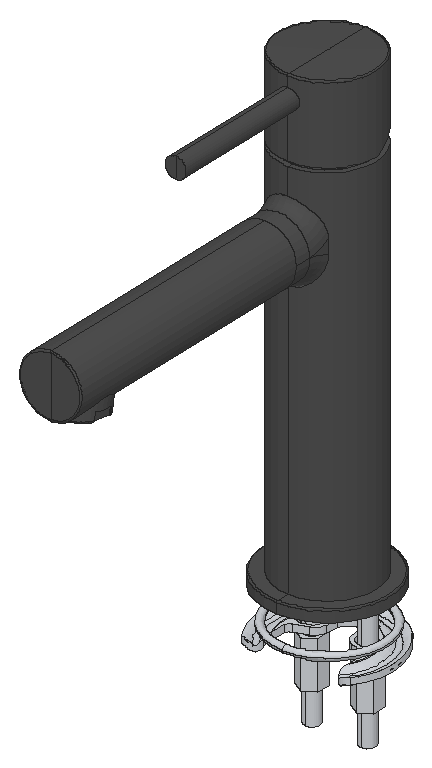
Revit family "Reece_Tap_Mizu_Drift_Basin Mixer_Straight", category Plumbing Fixtures, host Face, Revit 2018
Family settings
  Host = Face
  Round Connector Dimension = Use Diameter
  Part Type = Normal
  Cut with Voids When Loaded = No
  Shared = Yes
  Room Calculation Point = Yes
Parameters (values of type "121 mm_Matte Black")
  WFU = 0  # constant formula
  URL = "https://www.reece.com.au/product/-2267217"
  Type Comments = "Tap"
  Reece_Tap_Reach = 121.0 mm  # constant formula
  Reece_Tap_Inlet = 12.0 mm  # constant formula
  Reece_Tap_Clearance = 113.0 mm  # constant formula
  Reece_Product_Web Page = "https://www.reece.com.au/product/-2267217"
  Reece_Product_Type = "Tap"  # constant formula
  Reece_Product_Sub Brand = "Drift"  # constant formula
  Reece_Product_Number = "2267217"
  Reece_Product_Mount = "Hob Mounted"  # constant formula
  Reece_Product_Description = "Mizu Drift Basin Mixer Tap Straight Spout Matte Black (6 Star)"
  Reece_Product_Brand = "Mizu"  # constant formula
  Reece_Overall_Length = 158.5 mm  # constant formula
  Reece_Overall_Height = 185.0 mm  # constant formula
  Reece_Nozzle_Pipe Radius = 12.0 mm  # constant formula
  Reece_Material_Main = Reece_Brass_Matte Black
  Reece_Detail_Shape = "Straight"  # constant formula
  Reece_Detail_Installation = ""
  Reece_Detail_Disclaimer = "THIS FILE IS THE PROPERTY OF THE REECE GROUP. IT MAY NOT BE REPRODUCED, REVERSE-ENGINEERED, OR MODIFIED. ANY REPUBLICATION, TRANSMISSION, OR DISTRIBUTION FOR THE PURPOSE OF COMMERCIALLY EXPLOITING THE FILES IS PROHIBITED."  # constant formula
  Reece_Detail_Connector = ""
  Reece_Detail_Additional = ""
  Model = "Drift"
  Manufacturer = "Mizu"
  Keynote = "Product #2267217, Reece_Tap_Mizu_Drift_Basin Mixer_Straight - 121 mm_Matte Black"
  HWFU = 0  # constant formula
  Disclaimer = "THIS FILE IS THE PROPERTY OF THE REECE GROUP. IT MAY NOT BE REPRODUCED, REVERSE-ENGINEERED, OR MODIFIED. ANY REPUBLICATION, TRANSMISSION, OR DISTRIBUTION FOR THE PURPOSE OF COMMERCIALLY EXPLOITING THE FILES IS PROHIBITED."  # constant formula
  Description = "Mizu Drift Basin Mixer Tap Straight Spout Matte Black (6 Star)"
  Default Elevation = 1000.0 mm
  CWFU = 0  # constant formula
Types (5, lengths in mm): name | URL | Reece_Product_Web Page | Reece_Product_Number | Reece_Product_Description | Reece_Material_Main | Keynote | Description
  121 mm_Brushed Nickel | "https://www.reece.com.au/product/-2267237" | "https://www.reece.com.au/product/-2267237" | "2267237" | "Mizu Drift Basin Mixer Tap Straight Spout Brushed Nickel (6 Star)" | Reece_Brass_Brushed Nickel | "Product #2267237, Reece_Tap_Mizu_Drift_Basin Mixer_Straight - 121 mm_Brushed Nickel" | "Mizu Drift Basin Mixer Tap Straight Spout Brushed Nickel (6 Star)"
  121 mm_Chrome | "https://www.reece.com.au/product/-2267195" | "https://www.reece.com.au/product/-2267195" | "2267195" | "Mizu Drift Basin Mixer Tap Straight Spout Chrome (6 Star)" | Reece_Brass_Chrome | "Product #2267195, Reece_Tap_Mizu_Drift_Basin Mixer_Straight - 121 mm_Chrome" | "Mizu Drift Basin Mixer Tap Straight Spout Chrome (6 Star)"
  121 mm_Matte Black | "https://www.reece.com.au/product/-2267217" | "https://www.reece.com.au/product/-2267217" | "2267217" | "Mizu Drift Basin Mixer Tap Straight Spout Matte Black (6 Star)" | Reece_Brass_Matte Black | "Product #2267217, Reece_Tap_Mizu_Drift_Basin Mixer_Straight - 121 mm_Matte Black" | "Mizu Drift Basin Mixer Tap Straight Spout Matte Black (6 Star)"
  121 mm_Brushed Gunmetal | "https://www.reece.com.au/product/-2267257" | "https://www.reece.com.au/product/-2267257" | "2267257" | "Mizu Drift Basin Mixer Tap Straight Spout Brushed Gunmetal (6 Star)" | Reece_Brass_Brushed Gunmetal | "Product #2267257, Reece_Tap_Mizu_Drift_Basin Mixer_Straight - 121 mm_Brushed Gunmetal" | "Mizu Drift Basin Mixer Tap Straight Spout Brushed Gunmetal (6 Star)"
  121 mm_Brushed Brass | "https://www.reece.com.au/product/-2267277" | "https://www.reece.com.au/product/-2267277" | "2267277" | "Mizu Drift Basin Mixer Tap Straight Spout Brushed Brass (6 Star)" | Reece_Brass_Brushed | "Product #2267277, Reece_Tap_Mizu_Drift_Basin Mixer_Straight - 121 mm_Brushed Brass" | "Mizu Drift Basin Mixer Tap Straight Spout Brushed Brass (6 Star)"
Reference planes
  plane 1 "Center (Front/Back)": y = 0
  plane 2: z = 0
  plane 3 "Center (Left/Right)": x = 0
  plane 4: y = -19
  plane 5 "Top": z = 185
  plane 6: y = -73.243
  plane 7: y = -18.443
  plane 8: y = 24.5
  plane 9: y = -121
  plane 10: z = 113
  plane 11: y = -134
  plane 12: through (0, -123.727, 93.965) normal (0, -0.9903, 0.1392)
Forms (mm)
  Revolve 1, solid, material "Reece_Brass_Matte Black" <- "Reece_Material_Main"
    sketch origin (0, 0, 0) x (0, 1, 0) y (0, 0, 1)
      loop
        line (-19, 152.8) -> (-19, 4.5) -> (-17.5, 4.5) -> (-17.5, 7) -> (0, 7) -> (0, 157.8) -> (-13.55, 157.8) -> (-13.55, 161.484)
        arc (-13.55, 161.484) -> (-15.733, 157.339) -> (-16.892, 152.8) r 20
        line (-16.892, 152.8) -> (-19, 152.8)
      axis (0, 161.484) -> (0, 4.5)
    angle from 0 to 360
  Revolve 2, solid, material "Reece_Brass_Matte Black" <- "Reece_Material_Main"
    sketch origin (0, 0, 0) x (0, 1, 0) y (0, 0, 1)
      loop
        line (-17.5, 4.5) -> (-24, 4.5)
        arc (-24, 4.5) -> (-24.354, 4.354) -> (-24.5, 4) r 0.5
        line (-24.5, 4) -> (-24.5, 0) -> (-22, 0) -> (-22, -1) -> (-18, -1) -> (-18, 2) -> (-16.5, 2) -> (-16.5, 5.5) -> (-17.5, 5.5) -> (-17.5, 4.5)
      axis (0, 5.5) -> (0, -1)
    angle from 0 to 360
  Revolve 3, solid, material "Reece_Brass_Matte Black" <- "Reece_Material_Main"
    sketch origin (0, 0, 1) x (0, 1, 0) y (0, 0, 1)
      loop
        line (-19, 153.55) -> (-17.852, 153.55) -> (-17.5, 158.59) -> (-17.5, 162.3) -> (0, 162.3) -> (0, 184)
        arc (0, 184) -> (-9.246, 183.907) -> (-18.489, 183.63) r 465.11
        arc (-18.489, 183.63) -> (-18.852, 183.467) -> (-19, 183.099) r 0.532
        line (-19, 183.099) -> (-19, 153.55)
      axis (0, 184) -> (0, 153.55)
    angle from 0 to 360
  Extrusion 4, void
    sketch origin (0, 21.394, 163.687) x (0, 0.91357, 0.406681) y (1, 0, 0)
      loop
        line (14.799, 24.5) -> (-35.201, 24.5) -> (-35.201, -24.5) -> (14.799, -24.5) -> (14.799, 24.5)
    from 0 to 19
  Revolve 5, void
    sketch origin (0, 0, -1.813) x (0, 1, 0) y (0, 0, 1)
      loop
        line (17.434, 173.743) -> (17.434, 169.75) -> (20.568, 169.75) -> (20.568, 173.743) -> (17.434, 173.743)
      axis (20.568, 169.75) -> (17.434, 169.75)
    angle from 0 to 360
  Revolve 6, solid, material "Reece_Brass_Matte Black" <- "Reece_Material_Main"
    sketch origin (0, 0, -1.813) x (0, 1, 0) y (0, 0, 1)
      loop
        arc (19.852, 169.75) -> (19.653, 171.536) -> (19.065, 173.234) r 8.104
        arc (19.065, 173.234) -> (18.801, 173.532) -> (18.419, 173.642) r 0.716
        line (18.419, 173.642) -> (17.555, 173.642) -> (17.555, 169.75) -> (19.852, 169.75)
      axis (17.555, 169.75) -> (19.852, 169.75)
    angle from 0 to 360
  Revolve 7, solid
    sketch origin (0, 0, 0) x (0, 1, 0) y (0, 0, 1)
      loop
        circle (22.2, -14) r 1.3
      axis (1, -14) -> (1, -13)
    angle from 0 to 360
  Extrusion 8, void
    sketch origin (0, 2, 7) x (1, 0, 0) y (0, 1, 0)
      loop
        circle (-7, -9.5) r 6.7
      loop
        circle (-10.749, 4.019) r 3.519
      loop
        circle (10.75, 4) r 3.5
      loop
        circle (7, -9.5) r 6.7
    from 0 to 4
  Extrusion 9, solid
    sketch origin (0, 2, 7) x (0, 1, 0) y (1, 0, 0)
      loop
        circle (4, 10.75) r 3
      loop
        circle (4, -10.75) r 3
    from 0 to 61.5
  Revolve 10, solid
    sketch origin (0, 0, 0) x (0, 1, 0) y (0, 0, 1)
      loop
        arc (18.75, -21.5) -> (21.75, -23) -> (24.75, -21.5) r 3.75
        line (24.75, -21.5) -> (25.75, -21.5) -> (25.75, -19)
        arc (25.75, -19) -> (24.212, -19.499) -> (22.941, -20.498) r 4.61
        arc (22.941, -20.498) -> (21.841, -21) -> (20.728, -20.527) r 1.5
        arc (20.728, -20.527) -> (19.122, -19.398) -> (17.2, -19) r 4.84
        line (17.2, -19) -> (17.2, -21.5) -> (18.75, -21.5)
      axis (0, -19) -> (0, -21.5)
    angle from 0 to 360
  Extrusion 11, solid
    sketch origin (0, 0, -23) x (1, 0, 0) y (0, 1, 0)
      loop
        arc (-9.053, 2.711) -> (-6.961, 7.197) -> (-11.447, 9.289) r 3.5
        line (-11.447, 9.289) -> (-13.326, 8.605)
        arc (-13.326, 8.605) -> (-15.418, 4.119) -> (-10.932, 2.027) r 3.5
        line (-10.932, 2.027) -> (-9.053, 2.711)
      loop
        arc (-5.01, 5.791) -> (-6.06, 3.288) -> (-8.263, 1.702) r 5
        line (-8.263, 1.702) -> (-13.684, -0.271)
        arc (-13.684, -0.271) -> (-14.638, -1.003) -> (-15, -2.15) r 2
        line (-15, -2.15) -> (-15, -8.417)
        arc (-15, -8.417) -> (0, 17.2) -> (15, -8.417) r 17.2
        line (15, -8.417) -> (15, -2.15)
        arc (15, -2.15) -> (14.638, -1.003) -> (13.684, -0.271) r 2
        line (13.684, -0.271) -> (8.263, 1.702)
        arc (8.263, 1.702) -> (6.06, 3.288) -> (5.01, 5.791) r 5
        line (5.01, 5.791) -> (4.466, 10.221)
        arc (4.466, 10.221) -> (0, 14.173) -> (-4.466, 10.221) r 4.5
        line (-4.466, 10.221) -> (-5.01, 5.791)
      loop
        arc (11.447, 9.289) -> (6.961, 7.197) -> (9.053, 2.711) r 3.5
        line (9.053, 2.711) -> (10.932, 2.027)
        arc (10.932, 2.027) -> (15.418, 4.119) -> (13.326, 8.605) r 3.5
        line (13.326, 8.605) -> (11.447, 9.289)
    from 1.5 to 4
  Extrusion 12, void
    sketch origin (0, 0, -23) x (1, 0, 0) y (0, 1, 0)
      loop
        line (27.556, -34.599) -> (27.556, -14.961) -> (20.958, -14.961)
        arc (20.958, -14.961) -> (17.049, -15.272) -> (15, -11.93) r 3.75
        line (15, -11.93) -> (15, -8.417) -> (-15, -8.417) -> (-15, -11.93)
        arc (-15, -11.93) -> (-17.049, -15.272) -> (-20.958, -14.961) r 3.75
        line (-20.958, -14.961) -> (-27.556, -14.961) -> (-27.556, -34.599) -> (27.556, -34.599)
    from 0 to 5
  Extrusion 13, solid
    sketch origin (0, 0, 0) x (1, 0, 0) y (0, 1, 0)
      loop
        circle (10.75, 6) r 3
      loop
        line (10.75, 11.196) -> (6.25, 8.598) -> (6.25, 3.402) -> (10.75, 0.804) -> (15.25, 3.402) -> (15.25, 8.598) -> (10.75, 11.196)
      loop
        circle (-10.75, 6) r 3
      loop
        line (-10.75, 11.196) -> (-15.25, 8.598) -> (-15.25, 3.402) -> (-10.75, 0.804) -> (-6.25, 3.402) -> (-6.25, 8.598) -> (-10.75, 11.196)
    from -41.5 to -23
  Extrusion 14, void
    sketch origin (0, 0, 0) x (1, 0, 0) y (0, 1, 0)
      loop
        circle (0, 0) r 22
    from 0 to -35
  Revolve 15, solid, material "Reece_Brass_Matte Black" <- "Reece_Material_Main"
    sketch origin (0, -229.818, 400.763) x (0, -1, 0) y (0, 0, -1)
      loop
        line (-211.374, 228.583) -> (-211.374, 224.583) -> (-156.574, 224.583) -> (-156.574, 228.583) -> (-211.374, 228.583)
      axis (-211.374, 224.583) -> (-156.574, 224.583)
    angle from 0 to 360
  Sweep 16, solid, material "Reece_Brass_Matte Black" <- "Reece_Material_Main"
    path origin (0, -0.312, 1.5) x (0, 1, 0) y (0, 0, 1)
      loop
        line (-29.929, 137.5) -> (-23.438, 137.5)
        arc (-23.438, 137.5) -> (-19.902, 138.964) -> (-18.438, 142.5) r 5
        line (-18.438, 142.5) -> (-18.438, 147.5)
    profile origin (0, -26.996, 139) x (0, 0, 1) y (1, 0, 0)
      loop
        arc (-12, -12) -> (0, 0) -> (-12, 12) r 12
        line (-12, 12) -> (-12, -12)
  Sweep 17, solid, material "Reece_Brass_Matte Black" <- "Reece_Material_Main"
    path origin (0, -0.312, 252.5) x (0, 1, 0) y (0, 0, -1)
      loop
        line (-29.929, 137.5) -> (-23.438, 137.5)
        arc (-23.438, 137.5) -> (-19.902, 138.964) -> (-18.438, 142.5) r 5
        line (-18.438, 142.5) -> (-18.438, 147.5)
    profile origin (0, -26.996, 115) x (0, 0, 1) y (1, 0, 0)
      loop
        line (12, -12) -> (12, 12)
        arc (12, 12) -> (0, 0) -> (12, -12) r 12
  Revolve 18, solid, material "Reece_Brass_Matte Black" <- "Reece_Material_Main"
    sketch origin (0, 21.318, 2) x (0, 1, 0) y (0, 0, 1)
      loop
        line (-51.559, 137) -> (-154.818, 137)
        arc (-154.818, 137) -> (-155.172, 136.854) -> (-155.318, 136.5) r 0.5
        line (-155.318, 136.5) -> (-155.318, 125) -> (-51.559, 125) -> (-51.559, 137)
      axis (-51.559, 125) -> (-155.318, 125)
    angle from 0 to 360
  Revolve 19, solid, material "Reece_Brass_Matte Black" <- "Reece_Material_Main"
    sketch origin (0, -0.082, 0) x (0, 1, 0) y (0, 0, 1)
      loop
        arc (-131.276, 115.327) -> (-131.18, 114.957) -> (-130.851, 114.763) r 0.5
        line (-130.851, 114.763) -> (-120.948, 113.371) -> (-118.324, 132.044) -> (-128.721, 133.505) -> (-131.276, 115.327)
      axis (-120.948, 113.371) -> (-118.324, 132.044)
    angle from 0 to 360
  Revolve 20, void
    sketch origin (0, -0.082, 0) x (0, 1, 0) y (0, 0, 1)
      loop
        line (-127.98, 114.668) -> (-129.021, 114.814) -> (-129.194, 113.586) -> (-128.153, 113.44) -> (-127.98, 114.668)
      axis (-121.078, 112.446) -> (-120.905, 113.674)
    angle from 0 to 360
  Extrusion 21, void
    sketch origin (0, -0.082, 0) x (0, 1, 0) y (0, 0, 1)
      loop
        line (-116.403, 116.238) -> (-124.512, 117.474) -> (-125.375, 111.811) -> (-117.134, 110.554) -> (-116.403, 116.238)
    from -11.747 to -9
  Extrusion 22, void
    sketch origin (0, -0.082, 0) x (0, 1, 0) y (0, 0, -1)
      loop
        line (-116.403, -116.238) -> (-117.134, -110.554) -> (-125.375, -111.811) -> (-124.512, -117.474) -> (-116.403, -116.238)
    from -11.747 to -9
  Extrusion 23, solid, material "Reece_Brass_Matte Black" <- "Reece_Material_Main"
    sketch origin (0, 0, -116) x (0, 1, 0) y (0, 0, 1)
      loop
        arc (-23.75, 243) -> (-11.729, 238.021) -> (-6.75, 226) r 17
        line (-6.75, 226) -> (-6.75, 260)
        arc (-6.75, 260) -> (-11.729, 247.979) -> (-23.75, 243) r 17
    from -12 to 12
Cuts and joins
  Extrusion 4, Revolve 5 cuts Revolve 3
  joined: Revolve 3, Revolve 15
  Extrusion 8 cuts Extrusion 9
  Extrusion 12 cuts Revolve 10
  Extrusion 8 cuts Revolve 2
  Extrusion 8 cuts Revolve 1
  Revolve 20 cuts Revolve 18
  Revolve 20, Extrusion 21, Extrusion 22 cuts Revolve 19
  joined: Revolve 1, Sweep 16, Sweep 17, Revolve 18, Revolve 19, Extrusion 23
Lines and regions (mm)
  reference lines
    curve 1: line (0, 42.299, 172.993) -> (0, 0.166, 154.237)
Text (mm)
  text "Reece Copyright © 2018, Reece Ltd." at (-747.266, -372.688, 0), in view "Ref. Level"
  text "Reece ©" at (-1.128, 151.197, 130.104), in view "Reece Preview"
Dimensions and locks
  locked: Revolve 1 sketch curve to Revolve 1 sketch curve at 2.5
  Revolve 1 sketch curve to Revolve 1 sketch curve = 19.0 mm
  Revolve 2 sketch curve to Revolve 2 sketch curve = 24.5 mm
  locked: Revolve 2 sketch curve to Revolve 2 sketch curve at 2.5
  locked: Revolve 2 sketch curve to Revolve 2 sketch curve at 3.5
  locked: Revolve 2 sketch curve to Revolve 2 sketch curve at 1
  Revolve 2 sketch curve to Revolve 2 sketch curve = 17.5 mm
  locked: Revolve 2 sketch curve to Revolve 2 sketch curve at 1.5
  Revolve 3 sketch curve to Revolve 3 sketch curve = 19.0 mm
  locked: Revolve 3 sketch curve to Revolve 3 sketch curve at 1.5
  Extrusion 4 sketch curve to curve 1 to Extrusion 4 sketch curve = 24.5 mm, 24.5 mm
  locked: plane 6 to plane 7 at 54.8
  "Reece_Overall_Height": plane 5 "Top" to level
  "Reece_Tap_Reach": plane 1 "Center (Front/Back)" to plane 9
  "Reece_Tap_Clearance": plane 10 to level
  "Reece_Overall_Length": plane 8 to plane 11
  angle plane 9 to plane 12 = 8.00°
  aligned and locked: plane 2 to host face
  aligned and locked: level to host face
  aligned and locked: Revolve 3 sketch curve to Revolve 3 sketch curve
  aligned and locked: Revolve 15 sketch curve to Revolve 15 sketch curve
  aligned and locked: plane 6 to Revolve 15 sketch curve
  aligned and locked: plane 7 to Revolve 15 sketch curve
Automatic sketch dimensions
  host sketch curve to host sketch curve = 380.785 mm
  host sketch curve to host sketch curve = 317.421 mm
  curve 1 to plane 1 "Center (Front/Back)" = 0.166 mm
  curve 1 to plane 8 = 17.799 mm
  curve 1 to plane 5 "Top" = 12.007 mm
  Revolve 1 sketch curve to plane 4 = 0.0 mm
  Revolve 1 sketch curve to plane 1 "Center (Front/Back)" = 0.0 mm
  Revolve 1 sketch curve to Revolve 1 sketch curve = 1.5 mm
  Revolve 1 sketch curve to Revolve 1 sketch curve = 2.108 mm
  Revolve 1 sketch curve to plane 4 = 5.45 mm
  Revolve 1 sketch curve to plane 1 "Center (Front/Back)" = 2.932 mm
  level to Revolve 1 sketch curve = 4.5 mm
  Revolve 1 sketch curve to Revolve 1 sketch curve = 2.644 mm
  Revolve 1 sketch curve to Revolve 1 sketch curve = 7.644 mm
  Revolve 1 sketch curve to level = 340.81 mm
  plane 5 "Top" to Revolve 1 sketch curve = 2226.37 mm
  Revolve 2 sketch curve to level = 0.0 mm
  Revolve 2 sketch curve to plane 1 "Center (Front/Back)" = 0.0 mm
  Revolve 2 sketch curve to Revolve 2 sketch curve = 0.5 mm
  Revolve 2 sketch curve to level = 1.0 mm
  level to Revolve 2 sketch curve = 2.0 mm
  Revolve 2 sketch curve to Revolve 2 sketch curve = 4.0 mm
  Revolve 2 sketch curve to Revolve 2 sketch curve = 339.81 mm
  plane 5 "Top" to Revolve 2 sketch curve = 2226.37 mm
  Revolve 3 sketch curve to plane 4 = 0.0 mm
  Revolve 3 sketch curve to plane 5 "Top" = 0.0 mm
  Revolve 3 sketch curve to plane 4 = 0.532 mm
  Revolve 3 sketch curve to Revolve 3 sketch curve = 1.148 mm
  Revolve 3 sketch curve to plane 1 "Center (Front/Back)" = 0.055 mm
  Revolve 3 sketch curve to plane 5 "Top" = 0.901 mm
  Revolve 3 sketch curve to Revolve 3 sketch curve = 20.799 mm
  Revolve 3 sketch curve to Revolve 3 sketch curve = 3.71 mm
  Revolve 3 sketch curve to Revolve 3 sketch curve = 5.04 mm
  Revolve 3 sketch curve to level = 280.11 mm
  Revolve 3 sketch curve to Revolve 3 sketch curve = 59.7 mm
  Revolve 3 sketch curve to Revolve 3 sketch curve = 2176.364 mm
  Extrusion 4 sketch curve to curve 1 = 11.965 mm
  Extrusion 4 sketch curve to curve 1 = 8.083 mm
  plane 8 to Revolve 5 sketch curve = 7.066 mm
  Revolve 5 sketch curve to Revolve 5 sketch curve = 3.134 mm
  Revolve 5 sketch curve to plane 5 "Top" = 17.062 mm
  Revolve 5 sketch curve to Revolve 5 sketch curve = 3.993 mm
  Revolve 5 sketch curve to Revolve 5 sketch curve = 2.864 mm
  Revolve 5 sketch curve to plane 8 = 0.07 mm
  Revolve 5 sketch curve to Revolve 5 sketch curve = 0.0 mm
  Revolve 6 sketch curve to plane 1 "Center (Front/Back)" = 11.748 mm
  Revolve 6 sketch curve to Revolve 6 sketch curve = 5.807 mm
  Revolve 6 sketch curve to Revolve 6 sketch curve = 0.864 mm
  Revolve 6 sketch curve to Revolve 6 sketch curve = 2.297 mm
  Revolve 6 sketch curve to plane 5 "Top" = 17.062 mm
  Revolve 6 sketch curve to Revolve 6 sketch curve = 3.177 mm
  Revolve 6 sketch curve to Revolve 6 sketch curve = 0.716 mm
  Revolve 6 sketch curve to Revolve 6 sketch curve = 1.775 mm
  Revolve 6 sketch curve to plane 8 = 1.006 mm
  Revolve 6 sketch curve to Revolve 6 sketch curve = 0.0 mm
  plane 8 to Revolve 7 sketch curve = 2.3 mm
  Revolve 7 sketch curve to level = 14.0 mm  (x2)
  Revolve 7 sketch curve to plane 1 "Center (Front/Back)" = 1.0 mm
  Revolve 7 sketch curve to Revolve 7 sketch curve = 4.102 mm
  Revolve 1 to Extrusion 8 sketch curve = 10.749 mm
  Revolve 1 to Extrusion 8 sketch curve = 7.0 mm
  Extrusion 8 sketch curve to Revolve 1 = 7.0 mm
  Extrusion 8 sketch curve to Revolve 1 = 10.75 mm
  Extrusion 8 sketch curve to Extrusion 8 sketch curve = 0.0 mm
  Extrusion 8 sketch curve to Extrusion 8 sketch curve = 13.5 mm
  Extrusion 8 sketch curve to Extrusion 8 sketch curve = 13.519 mm
  Revolve 1 to Extrusion 9 sketch curve = 10.75 mm
  Extrusion 9 sketch curve to Extrusion 9 sketch curve = 0.0 mm
  Extrusion 9 sketch curve to Revolve 1 = 10.75 mm
  Revolve 10 sketch curve to plane 1 "Center (Front/Back)" = 0.0 mm
  plane 8 to Revolve 10 sketch curve = 7.3 mm
  Revolve 10 sketch curve to Revolve 10 sketch curve = 1.55 mm
  plane 8 to Revolve 10 sketch curve = 2.75 mm
  Revolve 10 sketch curve to Revolve 10 sketch curve = 0.072 mm
  Revolve 10 sketch curve to plane 8 = 0.25 mm
  Revolve 10 sketch curve to plane 8 = 1.25 mm
  Revolve 10 sketch curve to plane 8 = 1.882 mm
  Revolve 10 sketch curve to level = 23.84 mm
  Revolve 10 sketch curve to Revolve 10 sketch curve = 0.274 mm
  Revolve 10 sketch curve to Revolve 10 sketch curve = 2.34 mm
  Revolve 10 sketch curve to Revolve 10 sketch curve = 2.0 mm
  Revolve 10 sketch curve to Revolve 10 sketch curve = 0.25 mm
  Revolve 10 sketch curve to Revolve 10 sketch curve = 2.5 mm  (x2)
  Revolve 10 sketch curve to Revolve 10 sketch curve = 0.0 mm
  Revolve 10 sketch curve to Revolve 10 sketch curve = 316.97 mm
  plane 5 "Top" to Revolve 10 sketch curve = 658.832 mm
  plane 1 "Center (Front/Back)" to Extrusion 11 sketch curve = 0.0 mm
  Extrusion 11 sketch curve to plane 3 "Center (Left/Right)" = 0.0 mm  (x2)
  Extrusion 11 sketch curve to plane 3 "Center (Left/Right)" = 4.466 mm
  Extrusion 11 sketch curve to Extrusion 11 sketch curve = 0.544 mm  (x2)
  Extrusion 11 sketch curve to plane 1 "Center (Front/Back)" = 1.702 mm  (x2)
  Extrusion 11 sketch curve to Extrusion 11 sketch curve = 3.253 mm  (x2)
  Extrusion 11 sketch curve to plane 1 "Center (Front/Back)" = 2.711 mm
  Extrusion 11 sketch curve to Extrusion 11 sketch curve = 0.79 mm  (x2)
  Extrusion 11 sketch curve to Extrusion 11 sketch curve = 0.92 mm  (x2)
  Extrusion 11 sketch curve to Extrusion 11 sketch curve = 0.277 mm  (x2)
  Extrusion 11 sketch curve to plane 1 "Center (Front/Back)" = 2.027 mm  (x2)
  Extrusion 11 sketch curve to Extrusion 11 sketch curve = 1.879 mm  (x6)
  Extrusion 11 sketch curve to Extrusion 11 sketch curve = 1.474 mm  (x2)
  Extrusion 11 sketch curve to Extrusion 11 sketch curve = 2.068 mm  (x2)
  Extrusion 11 sketch curve to plane 1 "Center (Front/Back)" = 8.605 mm
  plane 1 "Center (Front/Back)" to Extrusion 11 sketch curve = 0.271 mm  (x2)
  Extrusion 11 sketch curve to Extrusion 11 sketch curve = 0.684 mm  (x2)
  Extrusion 11 sketch curve to Extrusion 11 sketch curve = 2.0 mm
  plane 3 "Center (Left/Right)" to Extrusion 11 sketch curve = 4.466 mm
  plane 1 "Center (Front/Back)" to Extrusion 11 sketch curve = 2.15 mm
  Extrusion 11 sketch curve to Extrusion 11 sketch curve = 6.266 mm
  Extrusion 11 sketch curve to Extrusion 11 sketch curve = 1.009 mm
  Extrusion 11 sketch curve to Extrusion 11 sketch curve = 3.289 mm
  Extrusion 11 sketch curve to Extrusion 11 sketch curve = 3.08 mm  (x2)
  Extrusion 11 sketch curve to Extrusion 11 sketch curve = 0.401 mm  (x2)
  Extrusion 11 sketch curve to Extrusion 11 sketch curve = 3.882 mm
  Extrusion 11 sketch curve to Extrusion 11 sketch curve = 4.43 mm
  Extrusion 12 sketch curve to plane 3 "Center (Left/Right)" = 27.556 mm
  Extrusion 12 sketch curve to Extrusion 12 sketch curve = 6.599 mm  (x2)
  Extrusion 12 sketch curve to Extrusion 12 sketch curve = 2.208 mm  (x2)
  Extrusion 12 sketch curve to Extrusion 12 sketch curve = 3.75 mm  (x2)
  plane 3 "Center (Left/Right)" to Extrusion 12 sketch curve = 15.0 mm
  plane 4 to Extrusion 12 sketch curve = 15.599 mm
  Extrusion 12 sketch curve to plane 4 = 4.039 mm  (x2)
  Extrusion 12 sketch curve to Extrusion 12 sketch curve = 3.514 mm
  Extrusion 13 sketch curve to plane 3 "Center (Left/Right)" = 15.25 mm
  Extrusion 13 sketch curve to plane 1 "Center (Front/Back)" = 0.804 mm  (x2)
  Extrusion 13 sketch curve to Extrusion 13 sketch curve = 4.5 mm  (x6)
  Extrusion 13 sketch curve to Extrusion 13 sketch curve = 0.0 mm  (x2)
  plane 3 "Center (Left/Right)" to Extrusion 13 sketch curve = 6.25 mm
  Extrusion 13 sketch curve to plane 1 "Center (Front/Back)" = 3.402 mm  (x4)
  Extrusion 13 sketch curve to Extrusion 13 sketch curve = 5.196 mm  (x7)
  Extrusion 13 sketch curve to Extrusion 13 sketch curve = 2.598 mm
  Extrusion 14 sketch curve to Extrusion 14 sketch curve = 0.0 mm  (x2)
  Extrusion 14 sketch curve to plane 3 "Center (Left/Right)" = 0.0 mm
  plane 1 "Center (Front/Back)" to Extrusion 14 sketch curve = 0.0 mm
  plane 4 to Extrusion 14 sketch curve = 3.0 mm
  Revolve 15 sketch curve to plane 5 "Top" = 8.82 mm
  Revolve 15 sketch curve to Revolve 15 sketch curve = 4.0 mm
  plane 1 "Center (Front/Back)" to Revolve 15 sketch curve = 6.141 mm
  Revolve 15 sketch curve to plane 6 = 16.478 mm
  plane 4 to Sweep 16 sketch curve = 4.75 mm
  Sweep 16 sketch curve to plane 4 = 0.25 mm
  Sweep 16 sketch curve to plane 5 "Top" = 46.0 mm
  Sweep 16 sketch curve to Sweep 16 sketch curve = 6.491 mm
  Sweep 16 sketch curve to plane 5 "Top" = 36.0 mm
  Sweep 16 sketch curve to profile plane = 0.0 mm
  profile plane to Sweep 16 sketch curve = 12.0 mm
  Sweep 16 sketch curve to profile plane = 12.0 mm
  Sweep 17 sketch curve to plane 4 = 4.75 mm
  plane 4 to Sweep 17 sketch curve = 0.25 mm
  Sweep 17 sketch curve to Sweep 17 sketch curve = 6.491 mm
  Sweep 17 sketch curve to Sweep 17 sketch curve = 5.0 mm
  Sweep 17 sketch curve to profile plane = 0.0 mm
  Sweep 17 sketch curve to profile plane = 12.0 mm
  Sweep 17 sketch curve to Sweep 17 sketch curve = 12.0 mm
  plane 4 to Revolve 19 sketch curve = 112.358 mm
  Revolve 19 sketch curve to Revolve 19 sketch curve = 0.426 mm
  Revolve 19 sketch curve to Revolve 19 sketch curve = 0.495 mm
  Revolve 19 sketch curve to plane 5 "Top" = 51.495 mm
  Revolve 19 sketch curve to Revolve 19 sketch curve = 2.555 mm
  Revolve 19 sketch curve to Revolve 19 sketch curve = 1.864 mm
  Revolve 19 sketch curve to Revolve 19 sketch curve = 0.654 mm
  plane 4 to Revolve 20 sketch curve = 110.276 mm
  Revolve 20 sketch curve to Revolve 20 sketch curve = 0.173 mm
  Revolve 20 sketch curve to Revolve 20 sketch curve = 6.918 mm
  Revolve 20 sketch curve to Revolve 20 sketch curve = 0.607 mm
  plane 4 to Extrusion 21 sketch curve = 106.457 mm
  Extrusion 21 sketch curve to Extrusion 21 sketch curve = 0.863 mm
  plane 4 to Extrusion 22 sketch curve = 106.457 mm
  Extrusion 22 sketch curve to Extrusion 22 sketch curve = 0.863 mm
  plane 4 to Extrusion 23 sketch curve = 4.75 mm  (x2)
  plane 1 "Center (Front/Back)" to Extrusion 23 sketch curve = 6.75 mm
  Extrusion 23 sketch curve to plane 5 "Top" = 41.0 mm
  Extrusion 23 sketch curve to Extrusion 23 sketch curve = 0.0 mm
  curve 1 to plane 5 "Top" = 30.762 mm
  Revolve 1 sketch curve to plane 5 "Top" = 34.844 mm
  plane 5 "Top" to Sweep 17 sketch curve = 70.0 mm
  Revolve 19 sketch curve to Revolve 19 sketch curve = 9.903 mm
  level to Revolve 19 sketch curve = 132.044 mm
  Revolve 19 sketch curve to Revolve 19 sketch curve = 10.398 mm
  Revolve 19 sketch curve to Revolve 19 sketch curve = 13.262 mm
  Revolve 19 sketch curve to Revolve 19 sketch curve = 4.65 mm
  Revolve 20 sketch curve to Revolve 20 sketch curve = 1.041 mm
  Revolve 20 sketch curve to plane 5 "Top" = 71.56 mm
  Revolve 20 sketch curve to Revolve 20 sketch curve = 0.146 mm
  Revolve 20 sketch curve to Revolve 20 sketch curve = 2.11 mm
  Revolve 20 sketch curve to Revolve 20 sketch curve = 4.32 mm
  Extrusion 21 sketch curve to Extrusion 21 sketch curve = 8.241 mm
  Extrusion 21 sketch curve to Extrusion 21 sketch curve = 0.732 mm
  Extrusion 21 sketch curve to plane 5 "Top" = 74.446 mm
  Extrusion 21 sketch curve to Extrusion 21 sketch curve = 1.256 mm
  Extrusion 22 sketch curve to Extrusion 22 sketch curve = 8.241 mm
  Extrusion 22 sketch curve to Extrusion 22 sketch curve = 0.732 mm
  Extrusion 22 sketch curve to plane 5 "Top" = 67.526 mm
  Extrusion 22 sketch curve to Extrusion 22 sketch curve = 1.236 mm
  Extrusion 23 sketch curve to Extrusion 23 sketch curve = 17.0 mm
  Revolve 18 sketch curve to plane 11 = 0.0 mm
  Revolve 18 sketch curve to plane 11 = 0.5 mm
  plane 4 to Revolve 18 sketch curve = 11.241 mm
  plane 10 to Revolve 18 sketch curve = 14.0 mm  (x2)
  Revolve 18 sketch curve to Revolve 18 sketch curve = 11.5 mm
  Revolve 18 sketch curve to Revolve 18 sketch curve = 21.864 mm
  plane 1 "Center (Front/Back)" to Revolve 18 sketch curve = 8.61 mm
  radius of Revolve 7 sketch curve = 1.3 mm
  radius of Extrusion 8 sketch curve = 6.7 mm  (x2)
  radius of Extrusion 8 sketch curve = 3.519 mm
  radius of Extrusion 8 sketch curve = 3.5 mm
  radius of Extrusion 9 sketch curve = 3.0 mm  (x2)
  radius of Extrusion 13 sketch curve = 3.0 mm  (x2)
Connectors
  piping at (-7, -7.5, 11), diameter 12, driven by "Reece_Tap_Inlet"
    settings: on cut or joined group 1 (Revolve 1, Extrusion 8, Sweep 16, Sweep 17, Revolve 18, Revolve 19, Revolve 20, Extrusion 21, Extrusion 22, Extrusion 23), index 1, connector inside diameter 609.6 mm, connector length 0.0 mm, flow factor 0, pipe flow 0.0 L/s, pressure drop 0.0 Pa, fitting loss kfactor 0, connector angle 0.00°, fixture units 0, engagement length 0.0 mm, angle of deflection 0.00°, flow configuration 0, flow direction 2, fitting loss method 0, system type 29, joint type 0, gender type 0, connector reference index -1, connector utility 0, adjustable connector no, is connector primary yes, connector description "Hot Water"
  piping at (7, -7.5, 11), diameter 12, driven by "Reece_Tap_Inlet"
    settings: on cut or joined group 1, index 2, connector inside diameter 609.6 mm, connector length 0.0 mm, flow factor 0, pipe flow 0.0 L/s, pressure drop 0.0 Pa, fitting loss kfactor 0, connector angle 0.00°, fixture units 0, engagement length 0.0 mm, angle of deflection 0.00°, flow configuration 0, flow direction 2, fitting loss method 0, system type 29, joint type 0, gender type 0, connector reference index -1, connector utility 0, adjustable connector no, is connector primary no, connector description "Cold Water"
